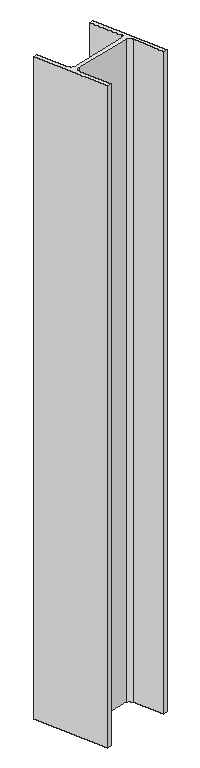
Revit family
Parameters (values of type "HP310X125")
  Column Material [instance] = Metal - Steel - 345 MPa
  Assembly Code = ""
  A = 0.016 m²
  W = 1.2258
  bf = 312 mm
  d = 312 mm
  k = 32.6 mm
  kr = k - tf  # 15.2 mm
  tf = 17.4 mm
  tw = 17.4 mm
Reference planes
  plane 1: y = 0
  plane 2: z = 0
  plane 3: x = 0
  plane 4: x = -156
  plane 5: x = 156
  plane 6: y = 156
  plane 7: y = -156
  plane 8: x = -3.969
  plane 9: x = 3.969
Forms (mm)
  Extrusion 1, solid, material "Metal - Steel - 345 MPa" <- "Column Material", detail levels medium
    sketch origin (0, 0, 0) x (1, 0, 0) y (0, 1, 0)
      loop
        line (-156, 156) -> (-156, 138.6) -> (-8.7, 138.6) -> (-8.7, -138.6) -> (-156, -138.6) -> (-156, -156) -> (156, -156) -> (156, -138.6) -> (8.7, -138.6) -> (8.7, 138.6) -> (156, 138.6) -> (156, 156) -> (-156, 156)
    from 0 to 2500
  Extrusion 2, solid, material "Metal - Steel - 345 MPa" <- "Column Material", detail levels fine
    sketch origin (0, 0, 0) x (1, 0, 0) y (0, 1, 0)
      loop
        line (-156, 156) -> (-156, 138.6) -> (-23.9, 138.6)
        arc (-23.9, 138.6) -> (-13.152, 134.148) -> (-8.7, 123.4) r 15.2
        line (-8.7, 123.4) -> (-8.7, -123.4)
        arc (-8.7, -123.4) -> (-13.152, -134.148) -> (-23.9, -138.6) r 15.2
        line (-23.9, -138.6) -> (-156, -138.6) -> (-156, -156) -> (156, -156) -> (156, -138.6) -> (23.9, -138.6)
        arc (23.9, -138.6) -> (13.152, -134.148) -> (8.7, -123.4) r 15.2
        line (8.7, -123.4) -> (8.7, 123.4)
        arc (8.7, 123.4) -> (13.152, 134.148) -> (23.9, 138.6) r 15.2
        line (23.9, 138.6) -> (156, 138.6) -> (156, 156) -> (-156, 156)
    from 0 to 2500
Lines and regions (mm)
  symbolic lines, style "StructuralColumnStickSymbols", detail levels coarse
    curve 1: line (-156, 156, 0) -> (156, 156, 0)
    curve 2: line (-156, -156, 0) -> (156, -156, 0)
    curve 3: line (0, 156, 0) -> (0, -156, 0)
  symbolic lines, style "Hidden Faces", detail levels medium+fine
    curve 4: line (-3.969, 0, 0) -> (-3.969, 0, 2500)
    curve 5: line (3.969, 0, 2500) -> (3.969, 0, 0)
Dimensions and locks
  equal spacing: plane 4, plane 3, plane 5
  equal spacing: plane 7, plane 1, plane 6
  "d": plane 7 to plane 6
  "bf": plane 4 to plane 5
  "tf": plane 7 to Extrusion 1 sketch curve
  "tf": Extrusion 1 sketch curve to plane 6
  equal spacing: Extrusion 1 sketch curve, plane 3, Extrusion 1 sketch curve
  "tw": Extrusion 1 sketch curve to Extrusion 1 sketch curve
  "kr": radius of Extrusion 2 sketch curve  (x4)
  aligned and locked: plane 6 to Extrusion 1 sketch curve
  aligned and locked: Extrusion 1 sketch curve to plane 7
  aligned and locked: Extrusion 1 sketch curve to plane 4  (x2)
  aligned and locked: plane 5 to Extrusion 1 sketch curve  (x2)
  aligned and locked: Extrusion 1 sketch curve to Extrusion 1 sketch curve  (x2)
  aligned and locked: level to Extrusion 1
  aligned and locked: level to plane 2
  aligned and locked: Extrusion 1 to plane 2
  aligned and locked: plane 6 to Extrusion 2 sketch curve
  aligned and locked: plane 5 to Extrusion 2 sketch curve  (x2)
  aligned and locked: Extrusion 2 sketch curve to plane 4  (x2)
  aligned and locked: Extrusion 2 sketch curve to Extrusion 1  (x6)
  aligned and locked: Extrusion 2 sketch curve to plane 7
  aligned and locked: level to Extrusion 2
  aligned and locked: Extrusion 2 to level
Automatic sketch dimensions
  curve 2 to plane 4 = 0 mm
  curve 1 to plane 4 = 0 mm
  curve 3 to plane 3 = 0 mm
  curve 2 to plane 5 = 0 mm
  curve 1 to plane 5 = 0 mm
  curve 3 to plane 7 = 0 mm
  curve 3 to plane 6 = 0 mm
  curve 4 to level = 0 mm  (x2)
  curve 4 to plane 8 = 0 mm
  curve 5 to level = 0 mm  (x2)
  curve 5 to plane 9 = 0 mm
